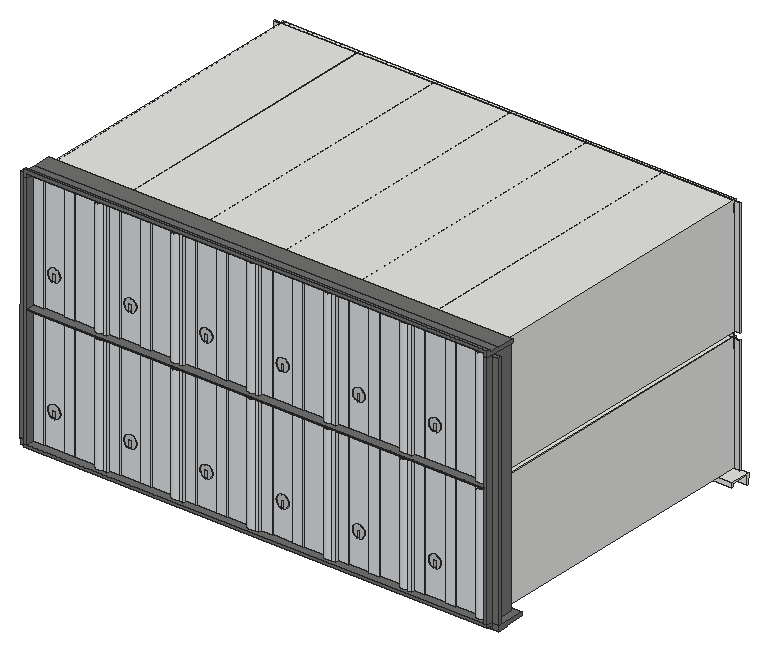
Revit family "2200_Series_Aluminum_Mailboxes_Rack_Ladder_Units", category Specialty Equipment, Revit 2016
Family settings
  Part Type = Normal
  Round Connector Dimension = Use Diameter
  OmniClass Number = 23.40.90.14.11
  OmniClass Title = Mail Boxes
  Work Plane-Based = No
  Always vertical = Yes
  Cut with Voids When Loaded = No
  Shared = No
  Room Calculation Point = No
Parameters (values of type "2212")
  Width = 23.250"
  Void 2 Offset = 0.000"
  Void 1 Offset = if(Void 2 Offset = 0.040", 6.200", if(Void 2 Offset = 0.000", 0.000", 6.200"))  # 0.000"
  Visible = yes
  Version = "2.0 (06/30/18)"
  URL = "www.mailboxes.com"
  Type Comments = "Aluminum Mailbox"
  Trim Material = Steel - Salsbury Finish - Black
  Rear Overhang = yes
  Rear Door = no
  OmniClass 23 Title = "Mail Boxes"
  OmniClass 23 Number = "23.40.90.14.11"
  Model = "2212"
  MasterFormat Title = "Postal Specialties"
  MasterFormat Number = "10 55 00"
  Manufacturer = "Salsbury Industries"
  Lock Material = Stainless Steel -Salsbury Finish - Polished
  Horizontal Dividers = yes
  Height = 12.188"
  Front Panel Material = Aluminum - Salsbury Finish - Aluminum
  Door Slot #9 Number [instance] = "9"
  Door Slot #8 Number [instance] = "8"
  Door Slot #7 Number [instance] = "7"
  Door Slot #6 Number [instance] = "6"
  Door Slot #5 Number [instance] = "5"
  Door Slot #4 Number [instance] = "4"
  Door Slot #3 Number [instance] = "3"
  Door Slot #2 Number [instance] = "2"
  Door Slot #17 Number [instance] = "0"
  Door Slot #16 Number [instance] = "0"
  Door Slot #15 Number [instance] = "0"
  Door Slot #14 Number [instance] = "0"
  Door Slot #13 Number [instance] = "0"
  Door Slot #12 Number [instance] = "1\r\n2"
  Door Slot #11 Number [instance] = "1\r\n1"
  Door Slot #10 Number [instance] = "1\r\n0"
  Door Slot #1 Number [instance] = "1"
  Door Numbers [instance] = yes
  Door Location D9 = Rack Ladder #1 Door : #1 Door
  Door Location D8 = Rack Ladder #1 Door : #1 Door
  Door Location D7 = Rack Ladder #1 Door : #1 Door
  Door Location D6 = Rack Ladder #1 Door : #1 Door
  Door Location D5 = Rack Ladder #1 Door : #1 Door
  Door Location D4 = Rack Ladder #1 Door : #1 Door
  Door Location D3 = Rack Ladder #1 Door : #1 Door
  Door Location D2 = Rack Ladder #1 Door : #1 Door
  Door Location D17 = Rack Ladder None : No Door
  Door Location D16 = Rack Ladder None : No Door
  Door Location D15 = Rack Ladder None : No Door
  Door Location D13 = Rack Ladder None : No Door
  Door Location D12 = Rack Ladder #1 Door : #1 Door
  Door Location D11 = Rack Ladder #1 Door : #1 Door
  Door Location D10 = Rack Ladder #1 Door : #1 Door
  Door Location D1 = Rack Ladder #1 Door : #1 Door
  Door Location D14 = Rack Ladder None : No Door
  Door Divider Offset = 0.000"
  Dividers 6, 7 = no
  Dividers 1, 2, 4, 5 = yes
  Divider 3 Parcel = no
  Divider 3 = yes
  Description = "Rack Ladder System - 12 #1 Doors"
  Depth = 15.500"
  Box Offset = 0.156"
  Back Panel = no
  Back Enclosure Material = Steel - Salsbury Finish - Clear
  Assembly Code = "C1030910"
Reference planes (in)
  plane 1 "Center (Front/Back)": y = 0
  plane 2 "Bottom": z = 0
  plane 3 "Center (Left/Right)": x = 0
  plane 4 "Left": x = -11.625
  plane 5 "Right": x = 11.625
  plane 6 "Front": y = -7.75
  plane 7 "Back": y = 7.75
  plane 8 "Vertical Center": z = 6.094
  plane 9 "Top": z = 12.188
  plane 10: y = -7.625
  plane 11 "Door Align-Back of Door": y = -7.09375
  plane 12 "Back Edge of Top Trim": y = -6.21875
  plane 13 "Front Edge of Side Panels": y = -6.8125
  plane 14 "Back Edge of Side Panels": y = 7.625
  plane 15: y = -7.563
  plane 16: y = -7.063
  plane 17 "Back Edge of Bottom Trim": y = -6.1255
  plane 18: z = 0.125
  plane 19: z = 0.0625
  plane 20 "Bottom Trim Height": z = 0.25
  plane 21 "Top Trim Height": z = 11.8755
  plane 22: z = 12.03175
  plane 23: z = 12.063
  plane 24 "Right Side Trim Alignment-Top and Bottom Trim": x = 11.25
  plane 25 "Inner Right Side of Trim": x = 11.09375
  plane 26 "Right Wall of Enclsosure": x = 10.93775
  plane 27: y = -7.5
  plane 28: y = -7.375
  plane 29 "Back Edge of Side Trim": y = -6.3125
  plane 30 "Left Side Trim Alignment-Top and Bottom Trim": x = -11.25
  plane 31 "Trop Trim Extrusion Line": y = -7.53125
  plane 32 "Left Wall of Enclosure": x = -11.0935
  plane 33: z = 11.7505
  plane 34: z = -0.249
  plane 35: z = 0
  plane 36: x = -11.59375
  plane 37: x = 11.625
  plane 38 "Door Divider 2": x = -3.6975
  plane 39 "Door Divider 3": x = 0.0005
  plane 40 "Door Divider 4": x = 3.6985
  plane 41 "Door Divider 7": x = 5.54825
  plane 42 "Door Divider 5": x = 7.3965
  plane 43 "Void 1": z = 6.063
  plane 44 "Void 2 Offset": y = 7.625
  plane 45 "Bottom Compartment Section-Top Plate": z = 5.907
  plane 46 "Door Divider 6": x = -5.54675
  plane 47 "Door Divider 1": x = -7.3955
  plane 48 "Door Divider Offset Align": x = 11.09375
  plane 49 "Door Divider": x = 11.09375
  plane 50 "Void 1 Offset": z = 6.063
  plane 51 "Void 2": y = 7.625
  plane 52: z = 6.188
  plane 53 "Vertical Center of Back Enclosure": z = 6.063
  plane 54 "Door Align - Row 2": z = 0.28125
  plane 55 "Door Align - Row 1": z = 6.219
  plane 56 "Vertical Door Align 5": x = 7.23725
  plane 57 "Vertical Door Align 8": x = 5.389
  plane 58 "Vertical Door Align 4": x = 3.53925
  plane 59 "Vertical Door Align 3": x = -0.15875
  plane 60 "Vertical Door Align 2": x = -3.85675
  plane 61 "Vertical Door Align 7": x = -5.70575
  plane 62 "Vertical Door Align 1": x = -7.5545
  plane 63 "Vertical Door Align 6": x = 10.9375
  plane 64 "OffSet Divider Line": x = -11.0935
  plane 65 "Hinge 1": x = 5.93775
  plane 66 "Hinge 2": x = -6.0935
  plane 67: z = 11.84425
  plane 68: x = -11.06225
  plane 69: x = 10.9065
  plane 70: z = 5.938
  plane 71: z = 11.84425
  plane 72: z = 11.81325
  plane 73: z = 11.41742
  plane 74: z = 11.38642
  plane 75: y = 7.719
  plane 76: y = 7.656
  plane 77: y = 7.594
  plane 78: y = 7.719
  plane 79: y = 7.656
  plane 80: z = 5.876
  plane 81: z = 5.47992
  plane 82: z = 5.44892
  plane 83: z = 10.688
  plane 84: z = 0.46875
  plane 85: z = 0.15625
  plane 86: x = 7.0315
  plane 87: x = 4.844
  plane 88: x = -4.99975
  plane 89: x = -7.18725
  plane 90: y = 7.656
  plane 91: z = 4.875
  plane 92: y = 7.594
  plane 93: x = -11.3745
  plane 94: y = 7.5625
  plane 95: y = 6.6875
  plane 96: y = 6.625
  plane 97: z = 0.1875
  plane 98: z = 0.0625
  plane 99: z = 11.84425
  plane 100: x = 7.4275
  plane 101: x = 5.57925
  plane 102: x = 3.7295
  plane 103: x = 0.0315
  plane 104: x = -3.6665
  plane 105: x = -5.51575
  plane 106: x = -7.3645
  plane 107: z = 6.12525
  plane 108: y = -7.3755
  plane 109: y = -7.5
  plane 110: x = 10.93775
  plane 111: y = 7.5625
Forms (in)
  Extrusion 1, solid, material "Steel - Salsbury Finish - Black" <- "Trim Material", visible <- "Visible"
    sketch origin (0, 0, 0) x (0, 1, 0) y (0, 0, 1)
      loop
        line (-7.75, 11.8755) -> (-6.21875, 11.8755) -> (-6.21875, 12.03175) -> (-7.09375, 12.03175) -> (-7.09375, 12.063) -> (-7.625, 12.063) -> (-7.625, 12.188) -> (-7.75, 12.188) -> (-7.75, 11.8755)
    from -11.25 to 11.25
  Extrusion 2, solid, material "Steel - Salsbury Finish - Black" <- "Trim Material", visible <- "Visible"
    sketch origin (0, 0, 0) x (0, 1, 0) y (0, 0, 1)
      loop
        line (-6.1255, 0.25) -> (-7.75, 0.25) -> (-7.75, 0.125) -> (-7.563, 0.125) -> (-7.563, 0) -> (-7.063, 0) -> (-7.063, 0.0625) -> (-6.1255, 0.0625) -> (-6.1255, 0.25)
    from -11.625 to 11.625
  Extrusion 3, solid, material "Steel - Salsbury Finish - Black" <- "Trim Material", visible <- "Visible"
    sketch origin (0, 0, 6.094) x (0, -1, 0) y (1, 0, 0)
      loop
        line (7.5, 11.625) -> (7.375, 11.625) -> (7.375, 11.25) -> (6.3125, 11.25) -> (6.3125, 11.09375) -> (7.75, 11.09375) -> (7.75, 11.25) -> (7.5, 11.25) -> (7.5, 11.625)
    from -5.844 to 5.7815
  Extrusion 4, void
    sketch origin (0, 0, 0) x (1, 0, 0) y (0, 1, 0)
      loop
        line (11.625, -7.75) -> (11.625, -7.5) -> (11.25, -7.5) -> (11.25, -7.75) -> (11.625, -7.75)
    from 0 to 0.25
  Extrusion 5, solid, material "Steel - Salsbury Finish - Black" <- "Trim Material", visible <- "Visible"
    sketch origin (0, 0, 6.094) x (0, -1, 0) y (1, 0, 0)
      loop
        line (7.5, -11.625) -> (7.5, -11.25) -> (7.75, -11.25) -> (7.75, -11.0935) -> (6.3125, -11.0935) -> (6.3125, -11.25) -> (7.3755, -11.25) -> (7.3755, -11.625) -> (7.5, -11.625)
    from -5.844 to 5.7815
  Extrusion 6, void
    sketch origin (0, 0, 0) x (-1, 0, 0) y (0, -1, 0)
      loop
        line (11.625, 7.75) -> (11.25, 7.75) -> (11.25, 7.5) -> (11.625, 7.5) -> (11.625, 7.75)
    from 0 to 0.25
  Extrusion 7, void
    sketch origin (0, 0, 0) x (0, 1, 0) y (0, 0, 1)
      loop
        line (-7.75, 11.8755) -> (-7.53125, 11.8755) -> (-7.53125, 12.03175) -> (-7.75, 12.03175) -> (-7.75, 11.8755)
    from -11.0935 to 11.09375
  Sweep 8, solid, material "Steel - Salsbury Finish - Clear" <- "Back Enclosure Material", visible <- "Visible"
    path origin (0, 0, 0) x (1, 0, 0) y (0, 0, 1)
      loop
        line (-11.0935, 11.8755) -> (-11.0935, 0.25) -> (10.93775, 0.25) -> (10.93775, 11.8755) -> (-11.0935, 11.8755)
    profile origin (-0.07788, 0, 11.8755) x (0, 0, 1) y (0, -1, 0)
      loop
        line (0, 7.09375) -> (-0.03125, 7.09375) -> (-0.03125, -7.625) -> (0, -7.625) -> (0, 7.09375)
  Extrusion 9, solid, material "Steel - Salsbury Finish - Clear" <- "Back Enclosure Material", visible <- "Rear Overhang"
    sketch origin (0, 0, 0) x (0, 1, 0) y (0, 0, 1)
      loop
        line (7.625, 11.8755) -> (7.625, 11.84425) -> (7.719, 11.84425) -> (7.719, 11.41742) -> (7.656, 11.41742) -> (7.656, 11.81325) -> (7.625, 11.81325) -> (7.625, 11.38642) -> (7.75, 11.38642) -> (7.75, 11.8755) -> (7.625, 11.8755)
    from -11.0935 to 10.93775
  Extrusion 10, solid, material "Steel - Salsbury Finish - Clear" <- "Back Enclosure Material", visible <- "Visible"
    sketch origin (0, 0, 0) x (0, 1, 0) y (0, 0, 1)
      loop
        line (7.625, 0.25) -> (6.625, 0.25) -> (6.625, 0.0625) -> (6.6875, 0.0625) -> (6.6875, 0.1875) -> (7.5625, 0.1875) -> (7.5625, -0.249) -> (7.625, -0.249) -> (7.625, 0.25)
    from -11.59375 to 11.625
  Extrusion 11, void
    sketch origin (0, 0, 6.063) x (0, -1, 0) y (1, 0, 0)
      loop
        line (-7.625, -11.0935) -> (7.563, -11.0935) -> (7.563, 11.09375) -> (-7.625, 11.09375) -> (-7.625, -11.0935)
    from -0.125 to 0.125
  Extrusion 12, void
    sketch origin (0, 7.625, 0) x (0, 0, -1) y (1, 0, 0)
      loop
        line (-6.219, 11.25) -> (-6.219, 10.93775) -> (-5.907, 10.93775) -> (-5.907, 11.25) -> (-6.219, 11.25)
      loop
        line (-6.219, -11.0935) -> (-6.219, -11.375) -> (-5.907, -11.375) -> (-5.907, -11.0935) -> (-6.219, -11.0935)
    from 0 to 0.031
  Extrusion 13, solid, material "Steel - Salsbury Finish - Clear" <- "Back Enclosure Material", visible <- "Horizontal Dividers"
    sketch origin (0, 0, -5.8595) x (0, 1, 0) y (0, 0, 1)
      loop
        line (7.625, 11.7975) -> (7.625, 11.9535) -> (7.594, 11.9535) -> (7.594, 11.7665) -> (7.719, 11.7665) -> (7.719, 11.33942) -> (7.656, 11.33942) -> (7.656, 11.7355) -> (7.625, 11.7355) -> (7.625, 11.30842) -> (7.75, 11.30842) -> (7.75, 11.7975) -> (7.625, 11.7975)
    from -11.0935 to 10.93775
  Extrusion 14, solid, material "Aluminum - Salsbury Finish - Aluminum" <- "Front Panel Material", visible <- "Visible"
    sketch origin (11.09375, 0, 0) x (0, -1, 0) y (0, 0, 1)
      loop
        line (6.3125, 11.8755) -> (6.3125, 0.25) -> (7.53125, 0.25) -> (7.53125, 11.8755) -> (6.3125, 11.8755)
    from 0 to 0.156
  Extrusion 15, solid, material "Aluminum - Salsbury Finish - Aluminum" <- "Front Panel Material", visible <- "Dividers 6, 7"
    sketch origin (5.54825, 0, 0) x (0, 0, -1) y (0, -1, 0)
      loop
        line (-11.8755, 6.3125) -> (-0.25, 6.3125) -> (-0.25, 7.53125) -> (-11.8755, 7.53125) -> (-11.8755, 6.3125)
    from 0 to 0.15925
  Extrusion 16, solid, material "Aluminum - Salsbury Finish - Aluminum" <- "Front Panel Material", visible <- "Dividers 1, 2, 4, 5"
    sketch origin (7.3965, 0, 0) x (0, 0, -1) y (0, -1, 0)
      loop
        line (-11.8755, 6.3125) -> (-0.25, 6.3125) -> (-0.25, 7.53125) -> (-11.8755, 7.53125) -> (-11.8755, 6.3125)
    from 0 to 0.15925
  Extrusion 17, solid, material "Aluminum - Salsbury Finish - Aluminum" <- "Front Panel Material", visible <- "Dividers 6, 7"
    sketch origin (-5.54675, 0, 0) x (0, 0, -1) y (0, 1, 0)
      loop
        line (-11.8755, -6.3125) -> (-11.8755, -7.53125) -> (-0.25, -7.53125) -> (-0.25, -6.3125) -> (-11.8755, -6.3125)
    from 0 to -0.159
  Extrusion 18, solid, material "Aluminum - Salsbury Finish - Aluminum" <- "Front Panel Material", visible <- "Dividers 1, 2, 4, 5"
    sketch origin (3.6985, 0, 0) x (0, 0, -1) y (0, -1, 0)
      loop
        line (-11.8755, 6.3125) -> (-0.25, 6.3125) -> (-0.25, 7.53125) -> (-11.8755, 7.53125) -> (-11.8755, 6.3125)
    from 0 to 0.15925
  Extrusion 19, solid, material "Aluminum - Salsbury Finish - Aluminum" <- "Front Panel Material", visible <- "Divider 3"
    sketch origin (0.0005, 0, 0) x (0, 0, -1) y (0, -1, 0)
      loop
        line (-11.8755, 6.3125) -> (-0.25, 6.3125) -> (-0.25, 7.53125) -> (-11.8755, 7.53125) -> (-11.8755, 6.3125)
    from 0 to 0.15925
  Extrusion 20, solid, material "Aluminum - Salsbury Finish - Aluminum" <- "Front Panel Material", visible <- "Dividers 1, 2, 4, 5"
    sketch origin (-3.6975, 0, 0) x (0, 0, -1) y (0, -1, 0)
      loop
        line (-11.8755, 6.3125) -> (-0.25, 6.3125) -> (-0.25, 7.53125) -> (-11.8755, 7.53125) -> (-11.8755, 6.3125)
    from 0 to 0.15925
  Extrusion 21, solid, material "Aluminum - Salsbury Finish - Aluminum" <- "Front Panel Material", visible <- "Dividers 1, 2, 4, 5"
    sketch origin (-7.3955, 0, 0) x (0, 0, -1) y (0, 1, 0)
      loop
        line (-11.8755, -6.3125) -> (-11.8755, -7.53125) -> (-0.25, -7.53125) -> (-0.25, -6.3125) -> (-11.8755, -6.3125)
    from 0 to -0.159
  Extrusion 22, solid, material "Steel - Salsbury Finish - Clear" <- "Back Enclosure Material", visible <- "Horizontal Dividers"
    sketch origin (0, 0, 5.907) x (1, 0, 0) y (0, 1, 0)
      loop
        line (-11.06225, 7.594) -> (-11.06225, -7.09375) -> (10.9065, -7.09375) -> (10.9065, 7.594) -> (-11.06225, 7.594)
    from 0 to 0.031
  Extrusion 23, solid, material "Steel - Salsbury Finish - Clear" <- "Back Enclosure Material", visible <- "Horizontal Dividers"
    sketch origin (0, 0, 6.219) x (1, 0, 0) y (0, 1, 0)
      loop
        line (-11.06225, 7.625) -> (-11.06225, -7.09375) -> (10.9065, -7.09375) -> (10.9065, 7.625) -> (-11.06225, 7.625)
    from 0 to -0.031
  Extrusion 24, solid, material "Steel - Salsbury Finish - Black" <- "Trim Material", visible <- "Horizontal Dividers"
    sketch origin (0, 0, 0) x (0, 1, 0) y (0, 0, 1)
      loop
        line (-6.3125, 5.938) -> (-6.3125, 6.188) -> (-7.75, 6.188) -> (-7.75, 6.12525) -> (-7.53125, 6.12525) -> (-7.53125, 5.938) -> (-6.3125, 5.938)
    from -11.0935 to 11.09375
  Extrusion 25, solid, material "Steel - Salsbury Finish - Clear" <- "Back Enclosure Material", visible <- "Dividers 1, 2, 4, 5"
    sketch origin (7.3965, 0, 0) x (0, 0, -1) y (0, -1, 0)
      loop
        line (-11.84425, 7.09375) -> (-11.84425, -7.625) -> (-0.28125, -7.625) -> (-0.28125, 7.09375) -> (-11.84425, 7.09375)
    from 0 to -0.031
  Extrusion 26, solid, material "Steel - Salsbury Finish - Clear" <- "Back Enclosure Material", visible <- "Dividers 1, 2, 4, 5"
    sketch origin (3.6985, 0, 0) x (0, 0, -1) y (0, -1, 0)
      loop
        line (-11.84425, 7.09375) -> (-11.84425, -7.625) -> (-0.28125, -7.625) -> (-0.28125, 7.09375) -> (-11.84425, 7.09375)
    from 0 to -0.031
  Extrusion 27, solid, material "Steel - Salsbury Finish - Clear" <- "Back Enclosure Material", visible <- "Divider 3"
    sketch origin (0.0005, 0, 0) x (0, 0, -1) y (0, -1, 0)
      loop
        line (-11.84425, 7.09375) -> (-11.84425, -7.625) -> (-0.28125, -7.625) -> (-0.28125, 7.09375) -> (-11.84425, 7.09375)
    from 0 to -0.031
  Extrusion 28, solid, material "Steel - Salsbury Finish - Clear" <- "Back Enclosure Material", visible <- "Dividers 1, 2, 4, 5"
    sketch origin (-3.6975, 0, 0) x (0, 0, -1) y (0, -1, 0)
      loop
        line (-11.84425, 7.09375) -> (-11.84425, -7.625) -> (-0.28125, -7.625) -> (-0.28125, 7.09375) -> (-11.84425, 7.09375)
    from 0 to -0.031
  Extrusion 29, solid, material "Steel - Salsbury Finish - Clear" <- "Back Enclosure Material", visible <- "Dividers 1, 2, 4, 5"
    sketch origin (-7.3955, 0, 0) x (0, 0, -1) y (0, 1, 0)
      loop
        line (-11.84425, -7.09375) -> (-0.28125, -7.09375) -> (-0.28125, 7.625) -> (-11.84425, 7.625) -> (-11.84425, -7.09375)
    from 0 to 0.031
  Extrusion 30, solid, material "Steel - Salsbury Finish - Clear" <- "Back Enclosure Material", visible <- "Dividers 6, 7"
    sketch origin (5.54825, 0, 0) x (0, 0, -1) y (0, -1, 0)
      loop
        line (-11.84425, 7.09375) -> (-11.84425, -7.625) -> (-0.28125, -7.625) -> (-0.28125, 7.09375) -> (-11.84425, 7.09375)
    from 0 to -0.031
  Extrusion 31, solid, material "Steel - Salsbury Finish - Clear" <- "Back Enclosure Material", visible <- "Dividers 6, 7"
    sketch origin (-5.54675, 0, 0) x (0, 0, -1) y (0, 1, 0)
      loop
        line (-11.84425, -7.09375) -> (-0.28125, -7.09375) -> (-0.28125, 7.625) -> (-11.84425, 7.625) -> (-11.84425, -7.09375)
    from 0 to 0.031
  Extrusion 32, solid, visible <- "Visible"
    sketch origin (10.93775, 0, 0) x (0, -1, 0) y (0, 0, 1)
      loop
        line (-7.594, 11.8755) -> (-7.625, 11.8755) -> (-7.625, 0.25) -> (-7.594, 0.25) -> (-7.594, 11.8755)
    from -0.31225 to 0
  Extrusion 33, solid, visible <- "Visible"
    sketch origin (-11.0935, 0, 0) x (0, 0, -1) y (0, -1, 0)
      loop
        line (-11.8755, -7.594) -> (-11.8755, -7.625) -> (-0.28125, -7.625) -> (-0.28125, -7.594) -> (-11.8755, -7.594)
    from 0.281 to 0
  Extrusion 34, solid, material "Steel - Salsbury Finish - Clear" <- "Back Enclosure Material", visible <- "Back Panel"
    sketch origin (0, 7.625, 0) x (0, 0, -1) y (1, 0, 0)
      loop
        line (-0.25, 10.93775) -> (-4.875, 10.93775) -> (-4.875, -11.0935) -> (-0.25, -11.0935) -> (-0.25, 10.93775)
    from 0 to -0.031
  Extrusion 35, solid, material "Steel - Salsbury Finish - Clear" <- "Back Enclosure Material", visible <- "Rear Door"
    sketch origin (0, 7.625, 0) x (0, 0, -1) y (1, 0, 0)
      loop
        line (-11.8755, 10.93775) -> (-11.8755, -11.0935) -> (-10.688, -11.0935) -> (-10.688, 10.93775) -> (-11.8755, 10.93775)
    from 0 to -0.031
  Extrusion 36, solid, material "Steel - Salsbury Finish - Clear" <- "Back Enclosure Material", visible <- "Rear Door"
    sketch origin (0, 7.625, 0) x (0, 0, -1) y (1, 0, 0)
      loop
        line (-10.688, 10.93775) -> (-10.688, -11.0935) -> (0.249, -11.0935) -> (0.249, 10.93775) -> (-10.688, 10.93775)
      loop
        line (-0.15625, 7.0315) -> (-0.46875, 7.0315) -> (-0.46875, 4.844) -> (-0.15625, 4.844) -> (-0.15625, 7.0315)
      loop
        line (-0.15625, -4.99975) -> (-0.46875, -4.99975) -> (-0.46875, -7.18725) -> (-0.15625, -7.18725) -> (-0.15625, -4.99975)
    from 0 to -0.031
  Extrusion 37, solid, material "Steel - Salsbury Finish - Black" <- "Trim Material", visible <- "Divider 3 Parcel"
    sketch origin (-0.15875, 0, 0) x (0, 0, -1) y (0, -1, 0)
      loop
        line (-11.8755, 6.3125) -> (-0.25, 6.3125) -> (-0.25, 7.53125) -> (-11.8755, 7.53125) -> (-11.8755, 6.3125)
    from 0 to -0.15925
  Extrusion 38, solid, material "Aluminum - Salsbury Finish - Aluminum" <- "Front Panel Material", visible <- "Visible"
    sketch origin (11.09375, 0, 0) x (0, -1, 0) y (0, 0, 1)
      loop
        line (6.3125, 11.8755) -> (6.3125, 0.25) -> (7.53125, 0.25) -> (7.53125, 11.8755) -> (6.3125, 11.8755)
    from 0 to 0.156
Cuts and joins
  Extrusion 4, Extrusion 7 cuts Extrusion 1
  Extrusion 4, Extrusion 6 cuts Extrusion 2
  Extrusion 4, Extrusion 7 cuts Extrusion 3
  Extrusion 11, Extrusion 12 cuts Sweep 8
  Extrusion 11 cuts Extrusion 14
  Extrusion 11 cuts Extrusion 16
  Extrusion 11 cuts Extrusion 15
  Extrusion 11 cuts Extrusion 18
  Extrusion 11 cuts Extrusion 19
  Extrusion 11 cuts Extrusion 20
  Extrusion 11 cuts Extrusion 17
  Extrusion 11 cuts Extrusion 21
  Extrusion 11 cuts Extrusion 25
  Extrusion 11 cuts Extrusion 30
  Extrusion 11 cuts Extrusion 26
  Extrusion 11 cuts Extrusion 27
  Extrusion 11 cuts Extrusion 28
  Extrusion 11 cuts Extrusion 31
  Extrusion 11 cuts Extrusion 29
  Extrusion 12 cuts Extrusion 32
  Extrusion 12 cuts Extrusion 33
Lines and regions (in)
  symbolic lines
    curve 1: line (-11.625, 7.75, 11.8755) -> (-11.0935, 7.75, 11.8755)
    curve 2: line (-11.625, 7.75, 0.25) -> (-11.625, 7.75, 11.8755)
    curve 3: line (-11.0935, 7.75, 0.25) -> (-11.625, 7.75, 0.25)
    curve 4: line (-11.0935, 7.75, 11.8755) -> (-11.0935, 7.75, 0.25)
    curve 5: line (11.09375, 7.75, 11.8755) -> (11.625, 7.75, 11.8755)
    curve 6: line (11.09375, 7.75, 0.25) -> (11.09375, 7.75, 11.8755)
    curve 7: line (11.625, 7.75, 0.25) -> (11.09375, 7.75, 0.25)
    curve 8: line (11.625, 7.75, 11.8755) -> (11.625, 7.75, 0.25)
    curve 9: line (-11.25, 7.75, 12.188) -> (11.25, 7.75, 12.188)
    curve 10: line (-11.25, 7.75, 11.8755) -> (-11.25, 7.75, 12.188)
    curve 11: line (11.25, 7.75, 11.8755) -> (-11.25, 7.75, 11.8755)
    curve 12: line (11.25, 7.75, 12.188) -> (11.25, 7.75, 11.8755)
    curve 13: line (-11.625, 7.75, 0.25) -> (11.625, 7.75, 0.25)
    curve 14: line (-11.625, 7.75, 0) -> (-11.625, 7.75, 0.25)
    curve 15: line (11.625, 7.75, 0) -> (-11.625, 7.75, 0)
    curve 16: line (11.625, 7.75, 0.25) -> (11.625, 7.75, 0)
    curve 17: line (0.0005, -6.3125, 11.8755) -> (0.0005, 7.75, 11.8755)
    curve 18: line (0.0005, -6.3125, 0) -> (0.0005, -6.3125, 11.8755)
    curve 19: line (0.0005, 7.75, 0) -> (0.0005, -6.3125, 0)
    curve 20: line (0.0005, 7.75, 11.8755) -> (0.0005, 7.75, 0)
    curve 21: line (0.0005, -7.75, 12.188) -> (0.0005, -7.625, 12.188)
    curve 22: line (0.0005, -7.75, 0.125) -> (0.0005, -7.75, 12.188)
    curve 23: line (0.0005, -7.063, 0) -> (0.0005, -7.563, 0)
    curve 24: line (-11.625, 7.75, 0.28125) -> (11.625, 7.75, 0.28125)
    curve 25: line (-11.625, -6.1255, 0.28125) -> (-11.625, 7.75, 0.28125)
    curve 26: line (11.625, -6.1255, 0.28125) -> (-11.625, -6.1255, 0.28125)
    curve 27: line (11.625, 7.75, 0.28125) -> (11.625, -6.1255, 0.28125)
    curve 28: line (-11.625, -7.5, 0.28125) -> (-11.625, -6.1255, 0.28125)
    curve 29: line (11.25, -7.75, 0.28125) -> (-11.25, -7.75, 0.28125)
    curve 30: line (11.625, -6.1255, 0.28125) -> (11.625, -7.5, 0.28125)
    curve 31: line (11.625, -7.5, 0.28125) -> (11.25, -7.5, 0.28125)
    curve 32: line (11.25, -7.5, 0.28125) -> (11.25, -7.75, 0.28125)
    curve 33: line (-11.625, -7.5, 0.28125) -> (-11.25, -7.5, 0.28125)
    curve 34: line (-11.25, -7.5, 0.28125) -> (-11.25, -7.75, 0.28125)
    curve 35: line (0.0005, -7.563, 0) -> (0.0005, -7.563, 0.125)
    curve 36: line (0.0005, -7.563, 0.125) -> (0.0005, -7.75, 0.125)
    curve 37: line (0.0005, -7.063, 0) -> (0.0005, -7.063, 0.0625)
    curve 38: line (0.0005, -7.063, 0.0625) -> (0.0005, -6.1255, 0.0625)
    curve 39: line (0.0005, -7.625, 12.188) -> (0.0005, -7.625, 12.063)
    curve 40: line (0.0005, -7.625, 12.063) -> (0.0005, -7.09375, 12.063)
    curve 41: line (0.0005, -7.09375, 12.063) -> (0.0005, -7.09375, 12.03175)
    curve 42: line (0.0005, -7.09375, 12.03175) -> (0.0005, -6.21875, 12.03175)
    curve 43: line (0.0005, -6.21875, 12.03175) -> (0.0005, -6.21875, 11.8755)
    curve 44: line (0.0005, 7.5625, -0.249) -> (0.0005, 7.5625, 0)
    curve 45: line (0.0005, 7.625, -0.249) -> (0.0005, 7.5625, -0.249)
    curve 46: line (0.0005, 7.625, 0) -> (0.0005, 7.625, -0.249)
Dimensions and locks (in)
  plane 6 "Front" to plane 1 "Center (Front/Back)" to plane 7 "Back" = 7.750", 7.750"
  "Depth": plane 6 "Front" to plane 7 "Back"
  equal spacing: plane 4 "Left", plane 3 "Center (Left/Right)", plane 5 "Right"
  "Width": plane 4 "Left" to plane 5 "Right"
  equal spacing: plane 9 "Top", plane 8 "Vertical Center", plane 2 "Bottom"
  "Height": plane 9 "Top" to plane 2 "Bottom"
  plane 6 "Front" to plane 10 to plane 11 "Door Align-Back of Door" to plane 12 "Back Edge of Top Trim" = 0.125", 0.53125", 0.875"
  plane 14 "Back Edge of Side Panels" to plane 7 "Back" = 0.125"
  plane 6 "Front" to plane 13 "Front Edge of Side Panels" = 0.9375"
  plane 6 "Front" to plane 15 to plane 16 to plane 17 "Back Edge of Bottom Trim" = 0.187", 0.500", 0.9375"
  plane 18 to plane 2 "Bottom" = 0.125"
  plane 19 to plane 2 "Bottom" = 0.0625"
  plane 20 "Bottom Trim Height" to plane 2 "Bottom" = 0.250"
  plane 9 "Top" to plane 21 "Top Trim Height" = 0.3125"
  plane 22 to plane 9 "Top" = 0.15625"
  plane 23 to plane 9 "Top" = 0.125"
  plane 25 "Inner Right Side of Trim" to plane 24 "Right Side Trim Alignment-Top and Bottom Trim" to plane 5 "Right" = 0.15625", 0.375"
  plane 6 "Front" to plane 27 to plane 28 = 0.250", 0.125"
  plane 6 "Front" to plane 29 "Back Edge of Side Trim" = 1.4375"
  plane 4 "Left" to plane 30 "Left Side Trim Alignment-Top and Bottom Trim" = 0.375"
  Extrusion 3 to plane 5 "Right" = 0.375"
  plane 6 "Front" to plane 31 "Trop Trim Extrusion Line" = 0.21875"
  plane 33 to plane 21 "Top Trim Height" = 0.125"
  plane 34 to plane 35 to plane 20 "Bottom Trim Height" = 0.249", 0.250"
  plane 8 "Vertical Center" to plane 43 "Void 1" = 0.031"
  "Void 2 Offset": plane 14 "Back Edge of Side Panels" to plane 44 "Void 2 Offset"
  plane 32 "Left Wall of Enclosure" to plane 47 "Door Divider 1" = 3.698"
  plane 32 "Left Wall of Enclosure" to plane 46 "Door Divider 6" = 5.54675"
  plane 32 "Left Wall of Enclosure" to plane 38 "Door Divider 2" = 7.396"
  plane 32 "Left Wall of Enclosure" to plane 39 "Door Divider 3" = 11.094"
  plane 32 "Left Wall of Enclosure" to plane 40 "Door Divider 4" = 14.792"
  plane 32 "Left Wall of Enclosure" to plane 41 "Door Divider 7" = 16.64175"
  plane 32 "Left Wall of Enclosure" to plane 42 "Door Divider 5" = 18.490"
  locked: plane 32 "Left Wall of Enclosure" to plane 26 "Right Wall of Enclsosure" at 22.03125
  "Box Offset": plane 26 "Right Wall of Enclsosure" to plane 25 "Inner Right Side of Trim"
  "Door Divider Offset": plane 49 "Door Divider" to plane 48 "Door Divider Offset Align"
  "Void 1 Offset": plane 50 "Void 1 Offset" to plane 43 "Void 1"
  plane 52 to plane 8 "Vertical Center" = 0.094"
  plane 45 "Bottom Compartment Section-Top Plate" to plane 8 "Vertical Center" to plane 52 = 0.187", 0.094"
  plane 56 "Vertical Door Align 5" to plane 42 "Door Divider 5" = 0.15925"
  plane 57 "Vertical Door Align 8" to plane 41 "Door Divider 7" = 0.15925"
  plane 58 "Vertical Door Align 4" to plane 40 "Door Divider 4" = 0.15925"
  plane 59 "Vertical Door Align 3" to plane 39 "Door Divider 3" = 0.15925"
  plane 60 "Vertical Door Align 2" to plane 38 "Door Divider 2" = 0.15925"
  plane 61 "Vertical Door Align 7" to plane 46 "Door Divider 6" = 0.159"
  plane 62 "Vertical Door Align 1" to plane 47 "Door Divider 1" = 0.159"
  plane 65 "Hinge 1" to plane 26 "Right Wall of Enclsosure" = 5.000"
  plane 32 "Left Wall of Enclosure" to plane 66 "Hinge 2" = 5.000"
  plane 67 to plane 21 "Top Trim Height" = 0.03125"
  plane 74 to plane 73 to plane 72 to plane 71 to plane 21 "Top Trim Height" = 0.031", 0.39583", 0.031", 0.03125"
  plane 14 "Back Edge of Side Panels" to plane 76 to plane 75 to plane 7 "Back" = 0.031", 0.063", 0.031"
  plane 4 "Left" to plane 89 to plane 88 = 4.43775", 2.1875"
  plane 87 to plane 86 to plane 5 "Right" = 2.1875", 4.5935"
  plane 34 to plane 85 to plane 84 = 0.40525", 0.3125"
  plane 92 to plane 14 "Back Edge of Side Panels" to plane 90 = 0.031", 0.031"
  plane 96 to plane 95 to plane 94 to plane 14 "Back Edge of Side Panels" = 0.0625", 0.875", 0.0625"
  plane 34 to plane 98 to plane 97 to plane 20 "Bottom Trim Height" = 0.3115", 0.125", 0.0625"
  plane 99 to plane 21 "Top Trim Height" = 0.03125"
  plane 52 to plane 107 = 0.06275"
  plane 108 to plane 109 to plane 31 "Trop Trim Extrusion Line" = 0.1245", 0.03125"
  locked: plane 110 to plane 49 "Door Divider" at 0.156
  aligned and locked: plane 2 "Bottom" to level
  aligned and locked: Extrusion 24 to plane 25 "Inner Right Side of Trim"
  aligned and locked: plane 32 "Left Wall of Enclosure" to Extrusion 13
  aligned and locked: Extrusion 13 to plane 26 "Right Wall of Enclsosure"
  aligned and locked: Extrusion 9 to plane 26 "Right Wall of Enclsosure"
  aligned and locked: plane 32 "Left Wall of Enclosure" to Extrusion 9
  aligned and locked: nested 6 to plane 54 "Door Align - Row 2"
  aligned and locked: nested 5 to plane 54 "Door Align - Row 2"
  aligned and locked: nested 4 to plane 54 "Door Align - Row 2"
  aligned and locked: nested 3 to plane 54 "Door Align - Row 2"
  aligned and locked: nested 1 to plane 54 "Door Align - Row 2"
  aligned and locked: nested 2 to plane 54 "Door Align - Row 2"
  aligned and locked: nested 8 to plane 55 "Door Align - Row 1"
  aligned and locked: nested 7 to plane 55 "Door Align - Row 1"
  aligned and locked: nested 9 to plane 55 "Door Align - Row 1"
  aligned and locked: nested 11 to plane 55 "Door Align - Row 1"
  aligned and locked: nested 10 to plane 55 "Door Align - Row 1"
  aligned and locked: nested 12 to plane 55 "Door Align - Row 1"
  aligned and locked: plane 63 "Vertical Door Align 6" to nested 12
  aligned and locked: plane 56 "Vertical Door Align 5" to nested 11
  aligned and locked: plane 56 "Vertical Door Align 5" to nested 5
  aligned and locked: plane 58 "Vertical Door Align 4" to nested 10
  aligned and locked: plane 58 "Vertical Door Align 4" to nested 4
  aligned and locked: plane 59 "Vertical Door Align 3" to nested 9
  aligned and locked: plane 59 "Vertical Door Align 3" to nested 3
  aligned and locked: plane 60 "Vertical Door Align 2" to nested 7
  aligned and locked: plane 60 "Vertical Door Align 2" to nested 1
  aligned and locked: plane 62 "Vertical Door Align 1" to nested 8
  aligned and locked: plane 62 "Vertical Door Align 1" to nested 2
  aligned and locked: plane 57 "Vertical Door Align 8" to nested 14
  aligned and locked: plane 57 "Vertical Door Align 8" to nested 16
  aligned and locked: plane 61 "Vertical Door Align 7" to nested 13
  aligned and locked: plane 61 "Vertical Door Align 7" to nested 15
  aligned and locked: nested 13 to plane 54 "Door Align - Row 2"
  aligned and locked: plane 26 "Right Wall of Enclsosure" to nested 6
  aligned and locked: Extrusion 35 to cut or joined group of Extrusion 1, Extrusion 4, Extrusion 7
  aligned and locked: Extrusion 35 to cut or joined group of Sweep 8, Extrusion 11, Extrusion 12
  aligned and locked: cut or joined group of Sweep 8, Extrusion 11, Extrusion 12 to Extrusion 36
  aligned and locked: plane 32 "Left Wall of Enclosure" to Extrusion 36
  aligned and locked: Extrusion 5 to plane 64 "OffSet Divider Line"
  aligned and locked: plane 32 "Left Wall of Enclosure" to Extrusion 24
  aligned and locked: Extrusion 10 to plane 19
  aligned and locked: Extrusion 14 to cut or joined group of Extrusion 1, Extrusion 4, Extrusion 7
  aligned and locked: plane 65 "Hinge 1" to nested 18
  aligned and locked: plane 66 "Hinge 2" to nested 19
  aligned and locked: plane 21 "Top Trim Height" to Sweep 8 sketch curve  (x2)
  aligned and locked: plane 26 "Right Wall of Enclsosure" to Sweep 8 sketch curve
  aligned and locked: Sweep 8 sketch curve to plane 32 "Left Wall of Enclosure"
  aligned and locked: Sweep 8 sketch curve to plane 20 "Bottom Trim Height"
  aligned and locked: Sweep 8 sketch curve to plane 11 "Door Align-Back of Door"
  aligned and locked: plane 14 "Back Edge of Side Panels" to Sweep 8 sketch curve
  aligned and locked: plane 67 to Sweep 8 sketch curve
  aligned and locked: Extrusion 1 sketch curve to plane 9 "Top"
  aligned and locked: Extrusion 1 sketch curve to plane 6 "Front"
  aligned and locked: Extrusion 1 sketch curve to plane 21 "Top Trim Height"
  aligned and locked: plane 12 "Back Edge of Top Trim" to Extrusion 1 sketch curve
  aligned and locked: plane 22 to Extrusion 1 sketch curve
  aligned and locked: plane 11 "Door Align-Back of Door" to Extrusion 1 sketch curve
  aligned and locked: plane 23 to Extrusion 1 sketch curve
  aligned and locked: plane 10 to Extrusion 1 sketch curve
  aligned and locked: cut or joined group of Extrusion 1, Extrusion 4, Extrusion 7 to plane 24 "Right Side Trim Alignment-Top and Bottom Trim"
  aligned and locked: plane 30 "Left Side Trim Alignment-Top and Bottom Trim" to cut or joined group of Extrusion 1, Extrusion 4, Extrusion 7
  aligned and locked: plane 14 "Back Edge of Side Panels" to Extrusion 23 sketch curve
  aligned and locked: Extrusion 23 sketch curve to plane 68
  aligned and locked: plane 69 to Extrusion 23 sketch curve
  aligned and locked: Extrusion 23 sketch curve to plane 11 "Door Align-Back of Door"
  aligned and locked: Extrusion 23 to plane 55 "Door Align - Row 1"
  aligned and locked: plane 52 to Extrusion 23
  aligned and locked: Extrusion 22 to plane 45 "Bottom Compartment Section-Top Plate"
  aligned and locked: Extrusion 22 to plane 70
  aligned and locked: plane 71 to Extrusion 9 sketch curve
  aligned and locked: plane 72 to Extrusion 9 sketch curve
  aligned and locked: plane 73 to Extrusion 9 sketch curve
  aligned and locked: plane 74 to Extrusion 9 sketch curve
  aligned and locked: plane 75 to Extrusion 9 sketch curve
  aligned and locked: plane 76 to Extrusion 9 sketch curve
  aligned and locked: plane 14 "Back Edge of Side Panels" to Extrusion 9 sketch curve
  aligned and locked: plane 7 "Back" to Extrusion 13 sketch curve
  aligned and locked: plane 78 to Extrusion 13 sketch curve
  aligned and locked: Extrusion 13 sketch curve to plane 79
  aligned and locked: plane 51 "Void 2" to Extrusion 13 sketch curve
  aligned and locked: Extrusion 13 sketch curve to plane 45 "Bottom Compartment Section-Top Plate"
  aligned and locked: plane 80 to Extrusion 13 sketch curve
  aligned and locked: plane 81 to Extrusion 13 sketch curve
  aligned and locked: plane 82 to Extrusion 13 sketch curve
  aligned and locked: Extrusion 36 sketch curve to plane 34
  aligned and locked: plane 26 "Right Wall of Enclsosure" to Extrusion 36 sketch curve
  aligned and locked: Extrusion 36 sketch curve to plane 32 "Left Wall of Enclosure"
  aligned and locked: plane 83 to Extrusion 36 sketch curve
  aligned and locked: plane 84 to Extrusion 36 sketch curve
  aligned and locked: plane 85 to Extrusion 36 sketch curve  (x2)
  aligned and locked: plane 86 to Extrusion 36 sketch curve
  aligned and locked: plane 87 to Extrusion 36 sketch curve
  aligned and locked: Extrusion 36 sketch curve to plane 84
  aligned and locked: plane 89 to Extrusion 36 sketch curve
  aligned and locked: plane 88 to Extrusion 36 sketch curve
  aligned and locked: plane 90 to Extrusion 36
  aligned and locked: plane 14 "Back Edge of Side Panels" to Extrusion 36
  aligned and locked: Extrusion 35 sketch curve to plane 83
  aligned and locked: plane 26 "Right Wall of Enclsosure" to Extrusion 35 sketch curve
  aligned and locked: Extrusion 35 sketch curve to plane 32 "Left Wall of Enclosure"
  aligned and locked: plane 21 "Top Trim Height" to Extrusion 35 sketch curve
  aligned and locked: plane 14 "Back Edge of Side Panels" to Extrusion 35
  aligned and locked: Extrusion 35 to plane 90
  aligned and locked: Extrusion 34 sketch curve to plane 91
  aligned and locked: plane 32 "Left Wall of Enclosure" to Extrusion 34 sketch curve
  aligned and locked: Extrusion 34 sketch curve to plane 26 "Right Wall of Enclsosure"
  aligned and locked: plane 20 "Bottom Trim Height" to Extrusion 34 sketch curve
  aligned and locked: Extrusion 34 to plane 90
  aligned and locked: plane 14 "Back Edge of Side Panels" to Extrusion 34
  aligned and locked: plane 14 "Back Edge of Side Panels" to Extrusion 32 sketch curve
  aligned and locked: Extrusion 32 sketch curve to plane 92
  aligned and locked: plane 21 "Top Trim Height" to Extrusion 32 sketch curve
  aligned and locked: Extrusion 32 sketch curve to plane 20 "Bottom Trim Height"
  aligned and locked: cut or joined group of Extrusion 12, Extrusion 32 to plane 24 "Right Side Trim Alignment-Top and Bottom Trim"
  aligned and locked: plane 26 "Right Wall of Enclsosure" to cut or joined group of Extrusion 12, Extrusion 32
  aligned and locked: Extrusion 33 sketch curve to plane 54 "Door Align - Row 2"
  aligned and locked: plane 14 "Back Edge of Side Panels" to Extrusion 33 sketch curve
  aligned and locked: Extrusion 33 sketch curve to plane 92
  aligned and locked: plane 21 "Top Trim Height" to Extrusion 33 sketch curve
  aligned and locked: plane 93 to cut or joined group of Extrusion 12, Extrusion 33
  aligned and locked: cut or joined group of Extrusion 12, Extrusion 33 to plane 64 "OffSet Divider Line"
  aligned and locked: plane 94 to Extrusion 10 sketch curve
  aligned and locked: plane 14 "Back Edge of Side Panels" to Extrusion 10 sketch curve
  aligned and locked: plane 96 to Extrusion 10 sketch curve
  aligned and locked: plane 95 to Extrusion 10 sketch curve
  aligned and locked: plane 97 to Extrusion 10 sketch curve
  aligned and locked: Extrusion 10 sketch curve to plane 20 "Bottom Trim Height"
  aligned and locked: plane 98 to Extrusion 10 sketch curve
  aligned and locked: Extrusion 10 sketch curve to plane 34
  aligned and locked: Extrusion 10 to plane 36
  aligned and locked: Extrusion 10 to plane 5 "Right"
  aligned and locked: plane 99 to Extrusion 25 sketch curve
  aligned and locked: Extrusion 25 sketch curve to plane 11 "Door Align-Back of Door"
  aligned and locked: Extrusion 25 sketch curve to plane 54 "Door Align - Row 2"
  aligned and locked: plane 14 "Back Edge of Side Panels" to Extrusion 25 sketch curve
  aligned and locked: plane 100 to cut or joined group of Extrusion 11, Extrusion 25
  aligned and locked: plane 42 "Door Divider 5" to cut or joined group of Extrusion 11, Extrusion 25
  aligned and locked: plane 14 "Back Edge of Side Panels" to Extrusion 30 sketch curve
  aligned and locked: Extrusion 30 sketch curve to plane 54 "Door Align - Row 2"
  aligned and locked: plane 99 to Extrusion 30 sketch curve
  aligned and locked: Extrusion 30 sketch curve to plane 11 "Door Align-Back of Door"
  aligned and locked: plane 101 to cut or joined group of Extrusion 11, Extrusion 30
  aligned and locked: plane 41 "Door Divider 7" to cut or joined group of Extrusion 11, Extrusion 30
  aligned and locked: Extrusion 26 sketch curve to plane 11 "Door Align-Back of Door"
  aligned and locked: plane 99 to Extrusion 26 sketch curve
  aligned and locked: plane 14 "Back Edge of Side Panels" to Extrusion 26 sketch curve
  aligned and locked: Extrusion 26 sketch curve to plane 54 "Door Align - Row 2"
  aligned and locked: plane 102 to cut or joined group of Extrusion 11, Extrusion 26
  aligned and locked: plane 40 "Door Divider 4" to cut or joined group of Extrusion 11, Extrusion 26
  aligned and locked: Extrusion 27 sketch curve to plane 54 "Door Align - Row 2"
  aligned and locked: plane 14 "Back Edge of Side Panels" to Extrusion 27 sketch curve
  aligned and locked: plane 99 to Extrusion 27 sketch curve
  aligned and locked: Extrusion 27 sketch curve to plane 11 "Door Align-Back of Door"
  aligned and locked: plane 103 to cut or joined group of Extrusion 11, Extrusion 27
  aligned and locked: plane 39 "Door Divider 3" to cut or joined group of Extrusion 11, Extrusion 27
  aligned and locked: plane 99 to Extrusion 28 sketch curve
  aligned and locked: Extrusion 28 sketch curve to plane 11 "Door Align-Back of Door"
  aligned and locked: Extrusion 28 sketch curve to plane 54 "Door Align - Row 2"
  aligned and locked: plane 14 "Back Edge of Side Panels" to Extrusion 28 sketch curve
  aligned and locked: plane 104 to cut or joined group of Extrusion 11, Extrusion 28
  aligned and locked: plane 38 "Door Divider 2" to cut or joined group of Extrusion 11, Extrusion 28
  aligned and locked: plane 14 "Back Edge of Side Panels" to Extrusion 31 sketch curve
  aligned and locked: Extrusion 31 sketch curve to plane 54 "Door Align - Row 2"
  aligned and locked: plane 99 to Extrusion 31 sketch curve
  aligned and locked: Extrusion 31 sketch curve to plane 11 "Door Align-Back of Door"
  aligned and locked: plane 105 to cut or joined group of Extrusion 11, Extrusion 31
  aligned and locked: cut or joined group of Extrusion 11, Extrusion 31 to plane 46 "Door Divider 6"
  aligned and locked: Extrusion 29 sketch curve to plane 11 "Door Align-Back of Door"
  aligned and locked: plane 99 to Extrusion 29 sketch curve
  aligned and locked: Extrusion 29 sketch curve to plane 54 "Door Align - Row 2"
  aligned and locked: plane 14 "Back Edge of Side Panels" to Extrusion 29 sketch curve
  aligned and locked: plane 106 to cut or joined group of Extrusion 11, Extrusion 29
  aligned and locked: cut or joined group of Extrusion 11, Extrusion 29 to plane 47 "Door Divider 1"
  aligned and locked: Extrusion 14 sketch curve to plane 21 "Top Trim Height"
  aligned and locked: Extrusion 14 sketch curve to plane 29 "Back Edge of Side Trim"
  aligned and locked: plane 31 "Trop Trim Extrusion Line" to Extrusion 14 sketch curve
  aligned and locked: plane 20 "Bottom Trim Height" to Extrusion 14 sketch curve
  aligned and locked: plane 20 "Bottom Trim Height" to Extrusion 16 sketch curve
  aligned and locked: Extrusion 16 sketch curve to plane 29 "Back Edge of Side Trim"
  aligned and locked: plane 31 "Trop Trim Extrusion Line" to Extrusion 16 sketch curve
  aligned and locked: Extrusion 16 sketch curve to plane 21 "Top Trim Height"
  aligned and locked: cut or joined group of Extrusion 11, Extrusion 16 to plane 42 "Door Divider 5"
  aligned and locked: plane 56 "Vertical Door Align 5" to cut or joined group of Extrusion 11, Extrusion 16
  aligned and locked: plane 31 "Trop Trim Extrusion Line" to Extrusion 15 sketch curve
  aligned and locked: Extrusion 15 sketch curve to plane 21 "Top Trim Height"
  aligned and locked: Extrusion 15 sketch curve to plane 29 "Back Edge of Side Trim"
  aligned and locked: plane 20 "Bottom Trim Height" to Extrusion 15 sketch curve
  aligned and locked: plane 57 "Vertical Door Align 8" to cut or joined group of Extrusion 11, Extrusion 15
  aligned and locked: cut or joined group of Extrusion 11, Extrusion 15 to plane 41 "Door Divider 7"
  aligned and locked: plane 20 "Bottom Trim Height" to Extrusion 18 sketch curve
  aligned and locked: Extrusion 18 sketch curve to plane 29 "Back Edge of Side Trim"
  aligned and locked: Extrusion 18 sketch curve to plane 21 "Top Trim Height"
  aligned and locked: plane 31 "Trop Trim Extrusion Line" to Extrusion 18 sketch curve
  aligned and locked: plane 58 "Vertical Door Align 4" to cut or joined group of Extrusion 11, Extrusion 18
  aligned and locked: cut or joined group of Extrusion 11, Extrusion 18 to plane 40 "Door Divider 4"
  aligned and locked: Extrusion 37 sketch curve to plane 21 "Top Trim Height"
  aligned and locked: plane 31 "Trop Trim Extrusion Line" to Extrusion 37 sketch curve
  aligned and locked: Extrusion 37 sketch curve to plane 29 "Back Edge of Side Trim"
  aligned and locked: plane 20 "Bottom Trim Height" to Extrusion 37 sketch curve
  aligned and locked: plane 59 "Vertical Door Align 3" to Extrusion 37
  aligned and locked: Extrusion 37 to plane 39 "Door Divider 3"
  aligned and locked: Extrusion 19 sketch curve to plane 29 "Back Edge of Side Trim"
  aligned and locked: plane 20 "Bottom Trim Height" to Extrusion 19 sketch curve
  aligned and locked: plane 31 "Trop Trim Extrusion Line" to Extrusion 19 sketch curve
  aligned and locked: Extrusion 19 sketch curve to plane 21 "Top Trim Height"
  aligned and locked: plane 59 "Vertical Door Align 3" to cut or joined group of Extrusion 11, Extrusion 19
  aligned and locked: cut or joined group of Extrusion 11, Extrusion 19 to plane 39 "Door Divider 3"
  aligned and locked: Extrusion 20 sketch curve to plane 21 "Top Trim Height"
  aligned and locked: plane 31 "Trop Trim Extrusion Line" to Extrusion 20 sketch curve
  aligned and locked: Extrusion 20 sketch curve to plane 29 "Back Edge of Side Trim"
  aligned and locked: plane 20 "Bottom Trim Height" to Extrusion 20 sketch curve
  aligned and locked: plane 60 "Vertical Door Align 2" to cut or joined group of Extrusion 11, Extrusion 20
  aligned and locked: cut or joined group of Extrusion 11, Extrusion 20 to plane 38 "Door Divider 2"
  aligned and locked: Extrusion 17 sketch curve to plane 29 "Back Edge of Side Trim"
  aligned and locked: plane 20 "Bottom Trim Height" to Extrusion 17 sketch curve
  aligned and locked: plane 31 "Trop Trim Extrusion Line" to Extrusion 17 sketch curve
  aligned and locked: Extrusion 17 sketch curve to plane 21 "Top Trim Height"
  aligned and locked: plane 46 "Door Divider 6" to cut or joined group of Extrusion 11, Extrusion 17
  aligned and locked: plane 61 "Vertical Door Align 7" to cut or joined group of Extrusion 11, Extrusion 17
  aligned and locked: Extrusion 21 sketch curve to plane 21 "Top Trim Height"
  aligned and locked: plane 31 "Trop Trim Extrusion Line" to Extrusion 21 sketch curve
  aligned and locked: plane 20 "Bottom Trim Height" to Extrusion 21 sketch curve
  aligned and locked: Extrusion 21 sketch curve to plane 29 "Back Edge of Side Trim"
  aligned and locked: plane 62 "Vertical Door Align 1" to cut or joined group of Extrusion 11, Extrusion 21
  aligned and locked: plane 47 "Door Divider 1" to cut or joined group of Extrusion 11, Extrusion 21
  aligned and locked: Extrusion 24 sketch curve to plane 29 "Back Edge of Side Trim"
  aligned and locked: plane 70 to Extrusion 24 sketch curve
  aligned and locked: plane 31 "Trop Trim Extrusion Line" to Extrusion 24 sketch curve
  aligned and locked: plane 6 "Front" to Extrusion 24 sketch curve
  aligned and locked: Extrusion 24 sketch curve to plane 52
  aligned and locked: plane 107 to Extrusion 24 sketch curve
  aligned and locked: plane 29 "Back Edge of Side Trim" to Extrusion 3 sketch curve
  aligned and locked: Extrusion 3 sketch curve to plane 25 "Inner Right Side of Trim"
  aligned and locked: plane 6 "Front" to Extrusion 3 sketch curve
  aligned and locked: plane 24 "Right Side Trim Alignment-Top and Bottom Trim" to Extrusion 3 sketch curve  (x2)
  aligned and locked: Extrusion 3 sketch curve to plane 28
  aligned and locked: Extrusion 3 sketch curve to plane 5 "Right"
  aligned and locked: Extrusion 3 sketch curve to plane 27
  aligned and locked: cut or joined group of Extrusion 3, Extrusion 4, Extrusion 7 to plane 21 "Top Trim Height"
  aligned and locked: plane 20 "Bottom Trim Height" to cut or joined group of Extrusion 3, Extrusion 4, Extrusion 7
  aligned and locked: Extrusion 5 sketch curve to plane 108
  aligned and locked: Extrusion 5 sketch curve to plane 4 "Left"
  aligned and locked: Extrusion 5 sketch curve to plane 109
  aligned and locked: plane 30 "Left Side Trim Alignment-Top and Bottom Trim" to Extrusion 5 sketch curve  (x2)
  aligned and locked: Extrusion 5 sketch curve to plane 6 "Front"
  aligned and locked: Extrusion 5 sketch curve to plane 32 "Left Wall of Enclosure"
  aligned and locked: plane 29 "Back Edge of Side Trim" to Extrusion 5 sketch curve
  aligned and locked: plane 20 "Bottom Trim Height" to Extrusion 5
  aligned and locked: Extrusion 5 to plane 21 "Top Trim Height"
  aligned and locked: Extrusion 2 sketch curve to plane 6 "Front"
  aligned and locked: Extrusion 2 sketch curve to plane 20 "Bottom Trim Height"
  aligned and locked: Extrusion 2 sketch curve to plane 17 "Back Edge of Bottom Trim"
  aligned and locked: Extrusion 2 sketch curve to plane 19
  aligned and locked: Extrusion 2 sketch curve to plane 16
  aligned and locked: Extrusion 2 sketch curve to plane 2 "Bottom"
  aligned and locked: Extrusion 2 sketch curve to plane 15
  aligned and locked: plane 18 to Extrusion 2 sketch curve
  aligned and locked: plane 4 "Left" to cut or joined group of Extrusion 2, Extrusion 4, Extrusion 6
  aligned and locked: cut or joined group of Extrusion 2, Extrusion 4, Extrusion 6 to plane 5 "Right"
  aligned and locked: plane 11 "Door Align-Back of Door" to nested 12
  aligned and locked: plane 11 "Door Align-Back of Door" to nested 6
  aligned and locked: plane 11 "Door Align-Back of Door" to nested 11
  aligned and locked: plane 11 "Door Align-Back of Door" to nested 5
  aligned and locked: plane 11 "Door Align-Back of Door" to nested 10
  aligned and locked: plane 11 "Door Align-Back of Door" to nested 4
  aligned and locked: plane 11 "Door Align-Back of Door" to nested 9
  aligned and locked: plane 11 "Door Align-Back of Door" to nested 3
  aligned and locked: plane 11 "Door Align-Back of Door" to nested 7
  aligned and locked: plane 11 "Door Align-Back of Door" to nested 1
  aligned and locked: plane 11 "Door Align-Back of Door" to nested 8
  aligned and locked: plane 11 "Door Align-Back of Door" to nested 2
  aligned and locked: nested 14 to plane 54 "Door Align - Row 2"
  aligned and locked: plane 11 "Door Align-Back of Door" to nested 14
  aligned and locked: plane 11 "Door Align-Back of Door" to nested 16
  aligned and locked: plane 11 "Door Align-Back of Door" to nested 13
  aligned and locked: plane 11 "Door Align-Back of Door" to nested 15
  aligned and locked: cut or joined group of Extrusion 11, Extrusion 25 to Extrusion 13 sketch curve
  aligned and locked: Extrusion 13 sketch curve to plane 8 "Vertical Center"
  aligned and locked: plane 70 to Extrusion 13 sketch curve
  aligned and locked: cut or joined group of Extrusion 11, Extrusion 14 to plane 49 "Door Divider"
  aligned and locked: plane 110 to cut or joined group of Extrusion 11, Extrusion 14
  aligned and locked: Extrusion 38 sketch curve to plane 21 "Top Trim Height"
  aligned and locked: Extrusion 38 sketch curve to plane 29 "Back Edge of Side Trim"
  aligned and locked: plane 31 "Trop Trim Extrusion Line" to Extrusion 38 sketch curve
  aligned and locked: plane 20 "Bottom Trim Height" to Extrusion 38 sketch curve
  aligned and locked: Extrusion 38 to plane 25 "Inner Right Side of Trim"
  aligned and locked: plane 26 "Right Wall of Enclsosure" to Extrusion 38
  aligned and locked: plane 11 "Door Align-Back of Door" to nested 17
  aligned and locked: plane 39 "Door Divider 3" to nested 17
  aligned and locked: plane 54 "Door Align - Row 2" to nested 17
  aligned and locked: curve 3 to plane 20 "Bottom Trim Height"
  aligned and locked: plane 32 "Left Wall of Enclosure" to curve 4
  aligned and locked: curve 2 to plane 4 "Left"
  aligned and locked: plane 21 "Top Trim Height" to curve 1
  aligned and locked: curve 7 to plane 20 "Bottom Trim Height"
  aligned and locked: curve 6 to plane 25 "Inner Right Side of Trim"
  aligned and locked: curve 8 to plane 37
  aligned and locked: plane 21 "Top Trim Height" to curve 5
  aligned and locked: curve 11 to plane 21 "Top Trim Height"
  aligned and locked: plane 24 "Right Side Trim Alignment-Top and Bottom Trim" to curve 12
  aligned and locked: curve 10 to plane 30 "Left Side Trim Alignment-Top and Bottom Trim"
  aligned and locked: plane 9 "Top" to curve 9
  aligned and locked: curve 14 to plane 4 "Left"
  aligned and locked: plane 20 "Bottom Trim Height" to curve 13
  aligned and locked: plane 2 "Bottom" to curve 15
  aligned and locked: curve 16 to plane 37
  aligned and locked: plane 7 "Back" to curve 20
  aligned and locked: plane 2 "Bottom" to curve 19
  aligned and locked: plane 21 "Top Trim Height" to curve 17
  aligned and locked: curve 18 to plane 29 "Back Edge of Side Trim"
  aligned and locked: plane 9 "Top" to curve 21
  aligned and locked: curve 22 to plane 6 "Front"
  aligned and locked: plane 2 "Bottom" to curve 23
  aligned and locked: curve 25 to plane 4 "Left"
  aligned and locked: plane 5 "Right" to curve 27
  aligned and locked: plane 7 "Back" to curve 24
  aligned and locked: curve 26 to plane 17 "Back Edge of Bottom Trim"
  aligned and locked: plane 5 "Right" to curve 30
  aligned and locked: curve 29 to plane 6 "Front"
  aligned and locked: curve 28 to plane 4 "Left"
  aligned and locked: cut or joined group of Extrusion 3, Extrusion 4, Extrusion 7 to plane 24 "Right Side Trim Alignment-Top and Bottom Trim"
  aligned and locked: plane 27 to cut or joined group of Extrusion 3, Extrusion 4, Extrusion 7
  aligned and locked: plane 30 "Left Side Trim Alignment-Top and Bottom Trim" to Extrusion 5
  aligned and locked: Extrusion 5 to plane 27
  aligned and locked: cut or joined group of Extrusion 2, Extrusion 4, Extrusion 6 to plane 19
  aligned and locked: cut or joined group of Extrusion 2, Extrusion 4, Extrusion 6 to plane 16
  aligned and locked: plane 15 to cut or joined group of Extrusion 2, Extrusion 4, Extrusion 6
  aligned and locked: cut or joined group of Extrusion 2, Extrusion 4, Extrusion 6 to plane 18
  aligned and locked: cut or joined group of Extrusion 1, Extrusion 4, Extrusion 7 to plane 12 "Back Edge of Top Trim"
  aligned and locked: cut or joined group of Extrusion 1, Extrusion 4, Extrusion 7 to plane 22
  aligned and locked: cut or joined group of Extrusion 1, Extrusion 4, Extrusion 7 to plane 11 "Door Align-Back of Door"
  aligned and locked: cut or joined group of Extrusion 1, Extrusion 4, Extrusion 7 to plane 23
  aligned and locked: cut or joined group of Extrusion 1, Extrusion 4, Extrusion 7 to plane 10
  aligned and locked: plane 14 "Back Edge of Side Panels" to curve 46
  aligned and locked: curve 44 to plane 111
  aligned and locked: curve 45 to plane 34
Automatic sketch dimensions
  plane 6 "Front" to Extrusion 4 sketch curve = 0.000"
  Extrusion 4 sketch curve to plane 24 "Right Side Trim Alignment-Top and Bottom Trim" = 0.000"
  Extrusion 4 sketch curve to plane 5 "Right" = 0.000"
  plane 27 to Extrusion 4 sketch curve = 0.000"
  plane 6 "Front" to Extrusion 6 sketch curve = 0.000"
  Extrusion 6 sketch curve to plane 30 "Left Side Trim Alignment-Top and Bottom Trim" = 0.000"
  Extrusion 6 sketch curve to plane 4 "Left" = 0.000"
  Extrusion 6 sketch curve to plane 27 = 0.000"
  Extrusion 7 sketch curve to plane 6 "Front" = 0.000"
  plane 22 to Extrusion 7 sketch curve = 0.000"
  Extrusion 7 sketch curve to plane 31 "Trop Trim Extrusion Line" = 0.000"
  plane 21 "Top Trim Height" to Extrusion 7 sketch curve = 0.000"
  Extrusion 9 sketch curve to plane 14 "Back Edge of Side Panels" = 0.000"
  Extrusion 9 sketch curve to plane 7 "Back" = 0.000"
  plane 21 "Top Trim Height" to Extrusion 9 sketch curve = 0.000"
  plane 14 "Back Edge of Side Panels" to Extrusion 11 sketch curve = 0.000"
  plane 15 to Extrusion 11 sketch curve = 0.000"
  Extrusion 11 sketch curve to plane 32 "Left Wall of Enclosure" = 0.000"
  Extrusion 11 sketch curve to plane 25 "Inner Right Side of Trim" = 0.000"
  plane 24 "Right Side Trim Alignment-Top and Bottom Trim" to Extrusion 12 sketch curve = 0.000"
  Extrusion 12 sketch curve to plane 55 "Door Align - Row 1" = 0.000"  (x2)
  Extrusion 12 sketch curve to plane 45 "Bottom Compartment Section-Top Plate" = 0.000"  (x2)
  plane 32 "Left Wall of Enclosure" to Extrusion 12 sketch curve = 0.000"
  plane 26 "Right Wall of Enclsosure" to Extrusion 12 sketch curve = 0.000"
  Extrusion 12 sketch curve to plane 93 = 0.0005"
  Extrusion 13 sketch curve to plane 77 = 0.000"
  plane 11 "Door Align-Back of Door" to Extrusion 22 sketch curve = 0.000"
  Extrusion 22 sketch curve to plane 68 = 0.000"
  Extrusion 22 sketch curve to plane 69 = 0.000"
  plane 92 to Extrusion 22 sketch curve = 0.000"
  curve 33 to plane 27 = 0.000"
  plane 27 to curve 30 = 0.000"
  curve 29 to plane 30 "Left Side Trim Alignment-Top and Bottom Trim" = 0.000"
  curve 32 to plane 24 "Right Side Trim Alignment-Top and Bottom Trim" = 0.000"
  curve 40 to plane 11 "Door Align-Back of Door" = 0.000"
  plane 23 to curve 40 = 0.000"
  curve 43 to plane 12 "Back Edge of Top Trim" = 0.000"
  plane 22 to curve 43 = 0.000"
  curve 36 to plane 15 = 0.000"
  curve 36 to plane 18 = 0.000"
  curve 38 to plane 17 "Back Edge of Bottom Trim" = 0.000"
  curve 38 to plane 19 = 0.000"
  curve 37 to plane 16 = 0.000"
  curve 40 to plane 10 = 0.000"
Nested families (in)
  nested 1: "Rack Ladder #1 Door" at (-5.61775, -7.25025, 0.28125), type <- "Door Location D8", visible <- "Visible", type "#1 Door"
  nested 2: "Rack Ladder #1 Door" at (-9.3155, -7.25025, 0.28125), type <- "Door Location D7", visible <- "Visible", type "#1 Door"
  nested 3: "Rack Ladder #1 Door" at (-1.91975, -7.25025, 0.28125), type <- "Door Location D9", visible <- "Visible", type "#1 Door"
  nested 4: "Rack Ladder #1 Door" at (1.77825, -7.25025, 0.28125), type <- "Door Location D10", visible <- "Visible", type "#1 Door"
  nested 5: "Rack Ladder #1 Door" at (5.47625, -7.25025, 0.28125), type <- "Door Location D11", visible <- "Visible", type "#1 Door"
  nested 6: "Rack Ladder #1 Door" at (9.17675, -7.25025, 0.28125), type <- "Door Location D12", visible <- "Visible", type "#1 Door"
  nested 7: "Rack Ladder #1 Door" at (-5.61775, -7.25025, 6.219), type <- "Door Location D2", visible <- "Visible", type "#1 Door"
  nested 8: "Rack Ladder #1 Door" at (-9.3155, -7.25025, 6.219), type <- "Door Location D1", visible <- "Visible", type "#1 Door"
  nested 9: "Rack Ladder #1 Door" at (-1.91975, -7.25025, 6.219), type <- "Door Location D3", visible <- "Visible", type "#1 Door"
  nested 10: "Rack Ladder #1 Door" at (1.77825, -7.25025, 6.219), type <- "Door Location D4", visible <- "Visible", type "#1 Door"
  nested 11: "Rack Ladder #1 Door" at (5.47625, -7.25025, 6.219), type <- "Door Location D5", visible <- "Visible", type "#1 Door"
  nested 12: "Rack Ladder #1 Door" at (9.1765, -7.25025, 6.219), type <- "Door Location D6", visible <- "Visible", type "#1 Door"
  nested 13: "Rack Ladder None" at (-7.46675, -7.25025, 0.28125), type <- "Door Location D15", type "No Door"
